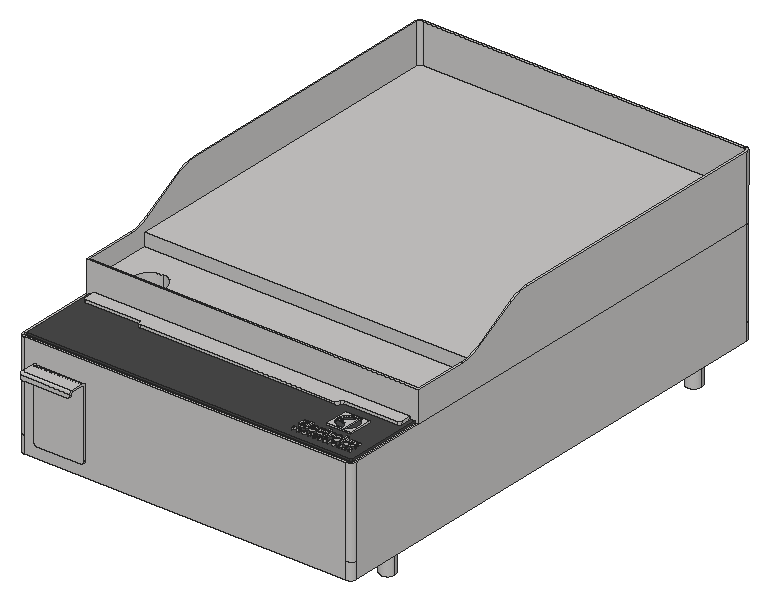
Revit family "QF_ELECTROLUXPROFESSIONAL_600906_E1IREEOMCU", category Specialty Equipment, Revit 2018 (continued)
Automatic sketch dimensions
  curve 250 to curve 250 = 0.8 mm
  curve 266 to curve 270 = 1.202 mm
  curve 255 to curve 259 = 1.202 mm
  curve 255 to curve 257 = 0.112 mm
  curve 266 to curve 268 = 0.112 mm
  curve 292 to curve 301 = 1.265 mm
  curve 209 to curve 210 = 0.543 mm
  curve 219 to curve 223 = 0.018 mm
  curve 210 to curve 206 = 0.022 mm
  curve 290 to curve 285 = 1.444 mm
  curve 248 to curve 247 = 0.8 mm
  curve 236 to curve 233 = 0.8 mm
  curve 227 to curve 219 = 0.261 mm
  curve 282 to curve 281 = 1.969 mm
  curve 258 to curve 259 = 0.061 mm
  curve 269 to curve 270 = 0.061 mm
  curve 258 to curve 256 = 0.035 mm
  curve 269 to curve 267 = 0.035 mm
  curve 300 to curve 301 = 1.018 mm
  curve 247 to curve 245 = 0.8 mm
  curve 234 to curve 231 = 0.8 mm
  curve 284 to curve 289 = 1.076 mm
  curve 244 to curve 244 = 0.134 mm
  curve 244 to curve 240 = 0.112 mm
  curve 253 to curve 260 = 0.324 mm
  curve 264 to curve 271 = 0.324 mm
  curve 300 to curve 295 = 0.767 mm
  curve 307 to curve 306 = 3.091 mm
  curve 278 to curve 274 = 1.922 mm
  curve 231 to curve 229 = 1.491 mm
  curve 218 to curve 218 = 1.661 mm
  curve 214 to curve 213 = 1.341 mm
  curve 305 to curve 305 = 0.8 mm
  curve 284 to curve 282 = 2.447 mm
  curve 289 to curve 285 = 1.371 mm
  curve 204 to curve 202 = 1.319 mm
  curve 295 to curve 298 = 0.84 mm
  curve 294 to curve 292 = 0.84 mm
  curve 252 to curve 254 = 3.506 mm
  curve 263 to curve 265 = 3.506 mm
  curve 278 to curve 278 = 2.065 mm
  curve 278 to curve 281 = 0.776 mm
  curve 171 to curve 167 = 1.19 mm
  curve 166 to curve 169 = 1.912 mm
  curve 265 to curve 267 = 0.355 mm
  curve 263 to curve 272 = 0.263 mm
  curve 266 to curve 267 = 0 mm
  curve 253 to curve 256 = 0.355 mm
  curve 252 to curve 261 = 0.263 mm
  curve 255 to curve 256 = 0 mm
  curve 138 to curve 139 = 1.111 mm
  curve 227 to curve 225 = 2.065 mm
  curve 227 to curve 226 = 0.776 mm
  curve 139 to curve 132 = 1.055 mm
  plane 12 to curve 36 = 84 mm
  curve 310 to curve 309 = 19 mm
  plane 12 to curve 311 = 2 mm
  plane 13 to curve 312 = 6 mm
  curve 312 to curve 312 = 22 mm
  curve 313 to curve 312 = 60 mm
  Extrusion 11 sketch curve to Extrusion 11 sketch curve = 80 mm
  plane 19 to Extrusion 11 sketch curve = 38 mm
  radius of Extrusion 5 sketch curve = 9 mm  (x4)
  radius of Extrusion 6 sketch curve = 10 mm
  radius of Extrusion 14 sketch curve = 19 mm
Nested families
  nested 1: "ELX_Logo_Professional" at (-364.269, -185.263, 916), visible <- "Show Logo", type "ELX_Logo_Professional"
Connectors
  electrical at (-442.269, 179.737, 778.028)
    settings: on Extrusion 6, index 1, voltage 0 V, apparent load 0 VA, apparent load phase1 0 VA, apparent load phase2 0 VA, apparent load phase3 0 VA, power factor 1, load classification "Altro", number of poles 1, system type 30, power factor state 1, is connector primary yes, connector utility no, sub classification motor no, connector description "Electrical"
Definition of nested family "ELX_Logo_Professional"
  Parameters (values of type "ELX_Logo_Professional")
    Default Elevation = 0 mm
  Reference planes
    plane 1 "Centro (Fronte/Retro)": y = 0
    plane 2: z = 0
    plane 3 "Centro (Sinistra/Destra)": x = 0
  Forms (mm)
    Extrusion 1, solid
      sketch origin (0, 0, 0) x (1, 0, 0) y (0, 1, 0)
        loop
          line (-1219.2, 1219.2) -> (-1219.2, -1219.2) -> (1219.2, -1219.2) -> (1219.2, 1219.2) -> (-1219.2, 1219.2)
      from 0 to -304.8
    Extrusion 2, solid
      sketch origin (-144.622, -1081.55, 0) x (-1, 0, 0) y (0, -1, 0)
        loop
          line (-130.265, -1113.361) -> (-130.265, -1084.645) -> (-158.979, -1084.645) -> (-158.979, -1113.361) -> (-130.265, -1113.361)
        loop
          arc (-146.24, -1106.937) -> (-147.076, -1109.166) -> (-147.324, -1111.534) r 9.395
          arc (-147.324, -1111.534) -> (-145.139, -1111.806) -> (-142.939, -1111.706) r 13.008
          line (-142.939, -1111.706) -> (-141.329, -1111.382) -> (-139.8, -1110.859) -> (-138.364, -1110.152) -> (-137.035, -1109.277) -> (-135.826, -1108.249) -> (-134.751, -1107.081) -> (-133.821, -1105.789) -> (-133.05, -1104.389) -> (-132.452, -1102.893) -> (-132.039, -1101.318) -> (-131.824, -1099.675) -> (-134.539, -1099.675) -> (-136.155, -1099.784) -> (-137.741, -1100.101) -> (-139.277, -1100.613) -> (-140.74, -1101.304) -> (-142.111, -1102.159) -> (-143.367, -1103.165) -> (-144.488, -1104.306) -> (-145.453, -1105.568) -> (-146.24, -1106.937)
        loop
          line (-148.67, -1086.844) -> (-150.173, -1087.464) -> (-151.57, -1088.253) -> (-152.847, -1089.196) -> (-153.992, -1090.281) -> (-154.994, -1091.494) -> (-155.841, -1092.821) -> (-156.519, -1094.25) -> (-157.018, -1095.766) -> (-157.324, -1097.357) -> (-157.427, -1099.009) -> (-157.315, -1100.685) -> (-156.998, -1102.296) -> (-156.488, -1103.827) -> (-155.799, -1105.265) -> (-154.946, -1106.596) -> (-153.94, -1107.806) -> (-152.796, -1108.882) -> (-151.528, -1109.81) -> (-150.148, -1110.576) -> (-148.67, -1111.167) -> (-148.67, -1086.844)
        loop
          arc (-147.323, -1086.473) -> (-147.041, -1088.83) -> (-146.239, -1091.065) r 10.532
          line (-146.239, -1091.065) -> (-145.452, -1092.432) -> (-144.488, -1093.693) -> (-143.367, -1094.833) -> (-142.111, -1095.838) -> (-140.741, -1096.693) -> (-139.278, -1097.383) -> (-137.743, -1097.894) -> (-136.157, -1098.211) -> (-134.541, -1098.32) -> (-131.822, -1098.32) -> (-131.976, -1096.81) -> (-132.312, -1095.353) -> (-132.818, -1093.961) -> (-133.481, -1092.644) -> (-134.291, -1091.416) -> (-135.235, -1090.288) -> (-136.302, -1089.272) -> (-137.48, -1088.379) -> (-138.757, -1087.622) -> (-140.121, -1087.012) -> (-141.56, -1086.561) -> (-143.063, -1086.281) -> (-144.633, -1086.183)
          arc (-144.633, -1086.183) -> (-145.985, -1086.264) -> (-147.323, -1086.473) r 14.39
        loop
          line (-111.329, -1069.559) -> (-111.329, -1071.073) -> (-116.048, -1071.073) -> (-116.048, -1072.896) -> (-111.328, -1072.896) -> (-111.328, -1075.549) -> (-116.349, -1075.549) -> (-116.349, -1077.368) -> (-109.396, -1077.368) -> (-109.396, -1073.46) -> (-109.396, -1069.659)
          arc (-109.396, -1069.659) -> (-110.425, -1067.175) -> (-112.909, -1066.146) r 3.513
          line (-112.909, -1066.146) -> (-116.483, -1066.146) -> (-116.483, -1067.963) -> (-112.925, -1067.963)
          arc (-112.925, -1067.963) -> (-111.797, -1068.431) -> (-111.329, -1069.559) r 1.596
        loop
          line (-119.79, -1077.358) -> (-117.856, -1077.358) -> (-117.856, -1072.053) -> (-117.856, -1066.132) -> (-119.79, -1066.132) -> (-119.79, -1072.092) -> (-119.79, -1077.358)
        loop
          line (-122.986, -1069.718) -> (-129.327, -1069.718)
          arc (-129.327, -1069.718) -> (-129.219, -1071.449) -> (-128.497, -1073.026) r 4.757
          arc (-128.497, -1073.026) -> (-125.237, -1074.5) -> (-121.978, -1073.026) r 4.34
          arc (-121.978, -1073.026) -> (-121.072, -1070.207) -> (-121.978, -1067.388) r 4.838
          arc (-121.978, -1067.388) -> (-125.393, -1065.933) -> (-128.809, -1067.388) r 4.737
          line (-128.809, -1067.388) -> (-127.645, -1068.52)
          arc (-127.645, -1068.52) -> (-125.509, -1067.576) -> (-123.374, -1068.52) r 2.888
          arc (-123.374, -1068.52) -> (-123.05, -1069.077) -> (-122.986, -1069.718) r 1.527
        loop
          arc (-127.386, -1071.076) -> (-126.67, -1072.331) -> (-125.331, -1072.872) r 2.201
          arc (-125.331, -1072.872) -> (-123.848, -1072.402) -> (-123.033, -1071.076) r 2.23
          line (-123.033, -1071.076) -> (-127.386, -1071.076)
        loop
          line (-136.862, -1071.886) -> (-138.059, -1073.132)
          arc (-138.059, -1073.132) -> (-130.327, -1070.219) -> (-138.059, -1067.306) r 4.415
          line (-138.059, -1067.306) -> (-136.862, -1068.553)
          arc (-136.862, -1068.553) -> (-132.252, -1070.22) -> (-136.862, -1071.886) r 2.606
        loop
          line (-141.192, -1069.673) -> (-141.192, -1072.494) -> (-142.951, -1072.494) -> (-142.951, -1074.25) -> (-141.195, -1074.25) -> (-141.195, -1077.358) -> (-139.262, -1077.358) -> (-139.262, -1073.332) -> (-139.262, -1069.514)
          arc (-139.262, -1069.514) -> (-140.299, -1066.92) -> (-142.98, -1066.132) r 3.196
          line (-142.98, -1066.132) -> (-142.987, -1067.949)
          arc (-142.987, -1067.949) -> (-141.652, -1068.356) -> (-141.192, -1069.673) r 1.542
        loop
          line (-146.494, -1073.042) -> (-146.494, -1074.25) -> (-144.576, -1074.25) -> (-144.576, -1070.271) -> (-144.576, -1066.132) -> (-146.494, -1066.132) -> (-146.494, -1070.401)
          arc (-146.494, -1070.401) -> (-147.446, -1072.228) -> (-149.489, -1072.494) r 2.229
          line (-149.489, -1072.494) -> (-149.489, -1074.362)
          arc (-149.489, -1074.362) -> (-147.761, -1074.226) -> (-146.494, -1073.042) r 2.627
        loop
          line (-159.833, -1072.246) -> (-159.833, -1066.131) -> (-161.767, -1066.131) -> (-161.767, -1072.17) -> (-161.767, -1077.359) -> (-159.833, -1077.359) -> (-159.833, -1072.246)
        loop
          line (-165.194, -1069.514) -> (-165.194, -1074.25) -> (-163.245, -1074.25) -> (-163.245, -1071.898) -> (-163.245, -1069.098)
          arc (-163.245, -1069.098) -> (-166.96, -1065.769) -> (-170.687, -1069.085) r 3.745
          line (-170.687, -1069.085) -> (-170.687, -1071.898) -> (-170.687, -1074.25) -> (-168.739, -1074.25) -> (-168.739, -1069.514)
          arc (-168.739, -1069.514) -> (-166.967, -1067.742) -> (-165.194, -1069.514) r 1.772
        loop
          line (-174.654, -1070.416) -> (-172.975, -1068.078) -> (-171.578, -1066.131) -> (-173.656, -1066.131) -> (-175.717, -1068.999) -> (-177.779, -1066.131) -> (-179.857, -1066.131) -> (-178, -1068.728) -> (-176.781, -1070.433) -> (-178.29, -1072.488) -> (-179.583, -1074.25) -> (-177.473, -1074.25) -> (-175.717, -1071.818) -> (-173.945, -1074.25) -> (-171.852, -1074.25) -> (-173.052, -1072.608) -> (-174.654, -1070.416)
        loop
          circle (-154.223, -1070.188) r 2.508
        loop
          circle (-154.223, -1070.188) r 4.42
        loop
          line (-110.224, -1058.542) -> (-111.194, -1058.542)
          arc (-111.194, -1058.542) -> (-112.217, -1059.95) -> (-110.924, -1061.114) r 1.3
          line (-110.924, -1061.114) -> (-109.424, -1061.114) -> (-109.424, -1057.223) -> (-110.224, -1057.223) -> (-110.224, -1058.542)
        loop
          line (-110.224, -1060.379) -> (-110.224, -1059.293) -> (-111.03, -1059.293)
          arc (-111.03, -1059.293) -> (-111.43, -1059.836) -> (-111.03, -1060.379) r 0.569
          line (-111.03, -1060.379) -> (-110.224, -1060.379)
        loop
          line (-116.302, -1058.564) -> (-117.128, -1058.564) -> (-117.934, -1057.223) -> (-118.841, -1057.223) -> (-117.833, -1058.884)
          arc (-117.833, -1058.884) -> (-118.214, -1060.282) -> (-117.028, -1061.114) r 1.26
          line (-117.028, -1061.114) -> (-115.503, -1061.114) -> (-115.503, -1057.223) -> (-116.302, -1057.223) -> (-116.302, -1058.564)
        loop
          line (-116.302, -1060.379) -> (-116.302, -1059.293) -> (-117.109, -1059.293)
          arc (-117.109, -1059.293) -> (-117.508, -1059.836) -> (-117.109, -1060.379) r 0.569
          line (-117.109, -1060.379) -> (-116.302, -1060.379)
        loop
          line (-128.923, -1057.223) -> (-129.723, -1057.223) -> (-129.723, -1058.714) -> (-131.187, -1058.714) -> (-131.187, -1059.514) -> (-129.723, -1059.514) -> (-129.723, -1060.314) -> (-131.327, -1060.314) -> (-131.327, -1061.114) -> (-128.923, -1061.114) -> (-128.923, -1057.223)
        loop
          arc (-134.628, -1058.469) -> (-134.992, -1057.588) -> (-135.874, -1057.223) r 1.246
          line (-135.874, -1057.223) -> (-137.13, -1057.223) -> (-137.13, -1058.023) -> (-135.969, -1058.023)
          arc (-135.969, -1058.023) -> (-135.53, -1058.237) -> (-135.427, -1058.714) r 0.558
          line (-135.427, -1058.714) -> (-136.984, -1058.714) -> (-136.984, -1059.514) -> (-135.427, -1059.514) -> (-135.427, -1060.314) -> (-137.092, -1060.314) -> (-137.092, -1061.114) -> (-134.628, -1061.114) -> (-134.628, -1058.469)
        loop
          line (-152.3, -1057.223) -> (-153.1, -1057.223) -> (-153.1, -1061.114) -> (-152.3, -1061.114) -> (-152.3, -1057.223)
        loop
          line (-164.67, -1057.223) -> (-164.67, -1059.67) -> (-166.45, -1057.223) -> (-167.25, -1057.223) -> (-167.25, -1061.114) -> (-166.42, -1061.114) -> (-166.42, -1058.594) -> (-164.64, -1061.114) -> (-163.84, -1061.114) -> (-163.84, -1057.223) -> (-164.67, -1057.223)
        loop
          line (-170.403, -1057.223) -> (-171.262, -1057.223) -> (-171.641, -1058.063) -> (-173.08, -1058.063) -> (-173.459, -1057.223) -> (-174.317, -1057.223) -> (-172.796, -1061.113) -> (-171.996, -1061.113) -> (-170.403, -1057.223)
        loop
          line (-177.493, -1057.223) -> (-179.789, -1057.223) -> (-179.789, -1058.023) -> (-178.293, -1058.023) -> (-178.293, -1061.114) -> (-177.493, -1061.114) -> (-177.493, -1057.223)
        loop
          line (-172.362, -1059.848) -> (-171.945, -1058.83) -> (-172.76, -1058.83) -> (-172.362, -1059.848)
        loop
          circle (-158.484, -1059.145) r 1.288
        loop
          circle (-158.484, -1059.145) r 2.065
        loop
          arc (-146.04, -1058.095) -> (-146.933, -1057.275) -> (-148.145, -1057.245) r 1.725
          arc (-148.145, -1057.245) -> (-148.965, -1058.02) -> (-148.68, -1059.111) r 1.107
          arc (-148.68, -1059.111) -> (-148.103, -1059.465) -> (-147.486, -1059.746) r 5.523
          arc (-147.486, -1059.746) -> (-147.147, -1060.262) -> (-147.708, -1060.52) r 0.407
          arc (-147.708, -1060.52) -> (-148.045, -1060.315) -> (-148.325, -1060.038) r 1.702
          line (-148.325, -1060.038) -> (-149.011, -1060.45)
          arc (-149.011, -1060.45) -> (-148.578, -1060.911) -> (-148.043, -1061.247) r 2.463
          arc (-148.043, -1061.247) -> (-146.373, -1060.466) -> (-147.42, -1058.949) r 1.207
          spline (-147.42, -1058.949) -> (-147.716, -1058.809) -> (-147.932, -1058.678) -> (-148.077, -1058.557) -> (-148.163, -1058.446) -> (-148.198, -1058.347) -> (-148.192, -1058.258) -> (-148.157, -1058.182) -> (-148.102, -1058.118) -> (-148.037, -1058.068) -> (-147.972, -1058.031) -> (-147.917, -1058.008) -> (-147.883, -1058)
          arc (-147.883, -1058) -> (-147.238, -1058.014) -> (-146.759, -1058.446) r 0.925
          line (-146.759, -1058.446) -> (-146.04, -1058.095)
        loop
          arc (-140.18, -1058.095) -> (-141.073, -1057.275) -> (-142.285, -1057.245) r 1.725
          arc (-142.285, -1057.245) -> (-143.106, -1058.02) -> (-142.821, -1059.111) r 1.107
          arc (-142.821, -1059.111) -> (-142.243, -1059.465) -> (-141.627, -1059.746) r 5.523
          arc (-141.627, -1059.746) -> (-141.287, -1060.262) -> (-141.849, -1060.52) r 0.407
          arc (-141.849, -1060.52) -> (-142.185, -1060.315) -> (-142.466, -1060.038) r 1.702
          line (-142.466, -1060.038) -> (-143.151, -1060.45)
          arc (-143.151, -1060.45) -> (-142.719, -1060.911) -> (-142.183, -1061.247) r 2.463
          arc (-142.183, -1061.247) -> (-140.513, -1060.466) -> (-141.56, -1058.949) r 1.207
          spline (-141.56, -1058.949) -> (-141.856, -1058.809) -> (-142.072, -1058.678) -> (-142.218, -1058.557) -> (-142.303, -1058.446) -> (-142.338, -1058.347) -> (-142.333, -1058.258) -> (-142.298, -1058.182) -> (-142.242, -1058.118) -> (-142.177, -1058.068) -> (-142.112, -1058.031) -> (-142.057, -1058.008) -> (-142.023, -1058)
          arc (-142.023, -1058) -> (-141.378, -1058.014) -> (-140.9, -1058.446) r 0.925
          line (-140.9, -1058.446) -> (-140.18, -1058.095)
        loop
          circle (-123.484, -1059.145) r 1.288
        loop
          circle (-123.484, -1059.145) r 2.065
      from 0 to 1.6
  Dimensions and locks
    aligned and locked: plane 2 to Extrusion 1
    aligned and locked: level to Extrusion 1
Types (2, lengths in mm): name | URL | Manufacturer | Phase | Model | Description
  (no name) | 0 | 0 | 0 | 0 | 0
  Standard | "http://professional.electrolux.com" | "Electrolux Professional" | 1 | "E1IREEOMCS" | "PLUG-IN INDUCTION GRIDDLE, STAINLESS STEEL SMOOTH PLATE"
